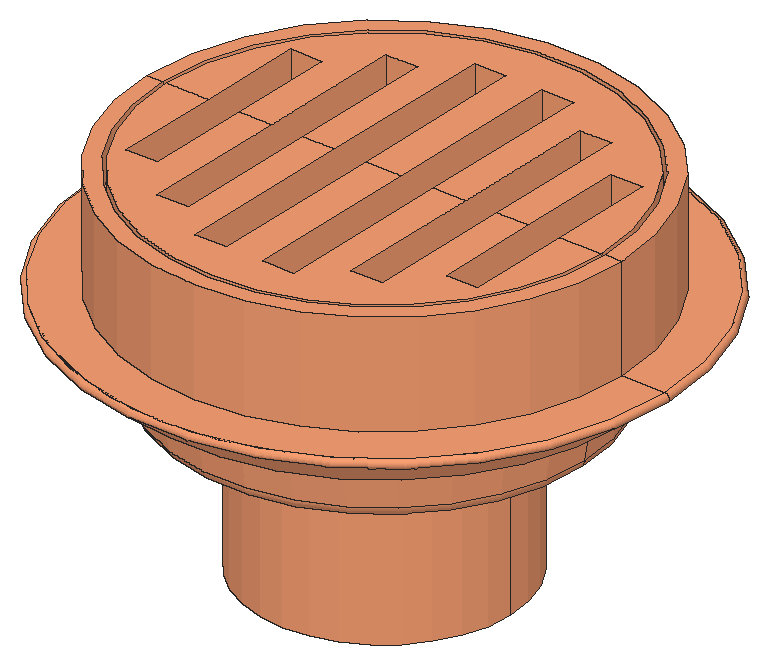
Revit family "Drain_Floor-Jay R.Smith-Round_Type-2109_Series", category Plumbing Fixtures, Revit 2019
Family settings
  Round Connector Dimension = Use Diameter
  Part Type = Normal
  OmniClass Number = 23.70.50.21.24
  OmniClass Title = Waste Water Drains
  Work Plane-Based = Yes
  Always vertical = Yes
  Cut with Voids When Loaded = No
  Shared = No
  Room Calculation Point = No
Parameters (values of type "2109Y04")
  Waste Connection = yes
  Vent Connection = no
  URL = "http://www.jrsmith.com"
  Trap Primer Connection -P050   1/2" (13) & -P075 3/4" (19) = no
  Strainer Height = 1 5/8"  # constant formula
  Strainer Diameter = 7 1/2"  # constant formula
  Side Outlet = no
  Quad Close Trap Seal = no
  Product Page URL = "https://www.jrsmith.com/floor-drain-2108"
  Product Documentation Link = "https://www.jrsmith.com/uploads/fileLibrary/d2109.pdf"
  PB - Polished Bronze Top = no
  Outlet Radius = Outlet Diameter / 2  # 2"
  Outlet Diameter = 4"
  Non-Tilting Grate L/Bucket = no
  NB - Nickel Bronze Top = no
  Model = "2108Y04"
  Manufacturer = "Jay R. Smith"  # constant formula
  Load Rating = "Light Duty having a Safe Live (Static) Load less than 2,000 lbs. (900 kg) per ASME A112.6.3 Floor Drain Standard."  # constant formula
  LXH - Speedi-Set Extra Heavy = no
  L - Speedi-Set Service Weight = no
  Installation Type = "Floor Mounted"  # constant formula
  HW Connection = no
  G - All Galvanized = no
  FBS - Flat Bottom Strainer = no
  Diameter = 9"  # constant formula
  Description = "Small Capacity General Purpose Floor Drain"  # constant formula
  Depth Of Body = 4"  # constant formula
  Default Elevation = 0"
  Connection Description = "4\" No-HUB Outlet Connection"
  CW Connection = no
  Body Material = Cast Iron-Jay R Smith-Duco Coated
  Assembly Code = "D2030300"
Types (9): name | Outlet Radius | Outlet Diameter | Model | Connection Description
  2109C02 | 1" | 2" | "2108C02" | "2\" Caulk Outlet Connection"
  2109C03 | 1 1/2" | 3" | "2108C03" | "3\" Caulk Outlet Connection"
  2109C04 | 2" | 4" | "2108C04" | "4\" Caulk Outlet Connection"
  2109Y02 | 1" | 2" | "2108Y02" | "2\" No-HUB Outlet Connection"
  2109Y03 | 1 1/2" | 3" | "2108Y03" | "3\" No-HUB Outlet Connection"
  2109Y04 | 2" | 4" | "2108Y04" | "4\" No-HUB Outlet Connection"
  2109T02 | 1" | 2" | "2109T02" | "2\" Threaded Outlet Connection"
  2109T03 | 1 1/2" | 3" | "2109T03" | "3\" Threaded Outlet Connection"
  2109T04 | 2" | 4" | "2109T04" | "4\" Threaded Outlet Connection"
Reference planes (in)
  plane 1 "Center (Front/Back)": y = 0
  plane 2: z = 0
  plane 3 "Center (Left/Right)": x = -0.54782
  plane 4: y = 0.8125
  plane 5: y = -0.8125
  plane 6: y = 1.625
  plane 7: y = 0.875
  plane 8: y = 0.125
  plane 9: y = -0.625
  plane 10: y = -1.375
  plane 11: y = -2.125
  plane 12: z = 0
  plane 13: x = -5.04782
  plane 14: x = 3.95218
  plane 15: z = -4
  plane 16: z = 1.625
  plane 17: x = -4.29782
  plane 18: x = 3.20218
  plane 19: x = -4.04782
  plane 20: x = 2.95218
Forms (in)
  Revolve 1, solid, material "Cast Iron-Jay R Smith-Duco Coated" <- "Body Material"
    sketch origin (0, 0, 0) x (1, 0, 0) y (0, 0, 1)
      loop
        line (-0.54782, -4) -> (1.45218, -4) -> (1.45218, -1.82392)
        arc (1.45218, -1.82392) -> (1.52541, -1.64714) -> (1.70218, -1.57392) r 0.25
        line (1.70218, -1.57392) -> (2.42036, -1.57392)
        arc (2.42036, -1.57392) -> (2.55209, -1.52579) -> (2.62176, -1.40408) r 0.20433
        line (2.62176, -1.40408) -> (2.74471, -0.68616) -> (3.20218, -0.68616) -> (3.92625, -0.12045)
        arc (3.92625, -0.12045) -> (3.94847, -0.04543) -> (3.88478, 0) r 0.06737
        line (3.88478, 0) -> (3.20218, 0) -> (3.20218, 1.625) -> (2.95218, 1.625) -> (2.95218, 1.125) -> (2.88968, 1.125) -> (2.88968, 1.625) -> (-0.54782, 1.625) -> (-0.54782, -4)
      axis (-0.54782, 1.625) -> (-0.54782, -4)
    angle from 0 to 360
  Extrusion 2, void
    sketch origin (0.01888, -0.03419, 0) x (1, 0, 0) y (0, 1, 0)
      loop
        line (-3.34928, 1.65751) -> (-3.34928, -1.58913) -> (-2.84928, -1.58913) -> (-2.84928, 1.65751) -> (-3.34928, 1.65751)
      loop
        line (-2.34928, 2.29324) -> (-2.34928, -2.22487) -> (-1.84928, -2.22487) -> (-1.84928, 2.29324) -> (-2.34928, 2.29324)
      loop
        line (-1.34928, 2.79324) -> (-1.34928, -2.72487) -> (-0.84928, -2.72487) -> (-0.84928, 2.79324) -> (-1.34928, 2.79324)
      loop
        line (2.21589, 1.65751) -> (1.71589, 1.65751) -> (1.71589, -1.58913) -> (2.21589, -1.58913) -> (2.21589, 1.65751)
      loop
        line (1.21589, 2.29324) -> (0.71589, 2.29324) -> (0.71589, -2.22487) -> (1.21589, -2.22487) -> (1.21589, 2.29324)
      loop
        line (0.21589, 2.79324) -> (-0.28411, 2.79324) -> (-0.28411, -2.72487) -> (0.21589, -2.72487) -> (0.21589, 2.79324)
    from 0 to 1.625
  Extrusion 3, solid, material "Cast Iron-Jay R Smith-Duco Coated" <- "Body Material"
    sketch origin (0, 0.38173, 0) x (1, 0, 0) y (0, 0, 1)
      loop
        line (-4.29782, -0.68616) -> (-4.29782, -1.15383)
        arc (-4.29782, -1.15383) -> (-4.04782, -1.40383) -> (-3.79782, -1.15383) r 0.25
        line (-3.79782, -1.15383) -> (-3.79782, -0.68616) -> (-4.29782, -0.68616)
    from -0.03285 to 0.79632
Cuts and joins
  Extrusion 2 cuts Revolve 1
Lines and regions (in)
  Masking region 1
    outline origin (0, 0, 0) x (1, 0, 0) y (0, 1, 0)
Dimensions and locks (in)
  equal spacing: plane 4, plane 1 "Center (Front/Back)", plane 5
  "Strainer Height": plane 4 to plane 5
  locked: plane 6 to plane 1 "Center (Front/Back)" at 1.625
  locked: plane 1 "Center (Front/Back)" to plane 7 at 0.875
  locked: plane 1 "Center (Front/Back)" to plane 8 at 0.125
  locked: plane 9 to plane 1 "Center (Front/Back)" at 0.625
  locked: plane 10 to plane 1 "Center (Front/Back)" at 1.375
  locked: plane 11 to plane 1 "Center (Front/Back)" at 2.125
  "Diameter": plane 14 to plane 13
  "Strainer Height": plane 16 to level
  "Depth Of Body": level to plane 15
  "Strainer Diameter": plane 18 to plane 17
  plane 20 to plane 19 = 7"
  locked: Revolve 1 sketch curve to plane 20 at 0.0625
  "Outlet Radius": Revolve 1 sketch curve to plane 3 "Center (Left/Right)"
  aligned and locked: Revolve 1 sketch curve to plane 3 "Center (Left/Right)"
  aligned and locked: Revolve 1 sketch curve to plane 18
  aligned and locked: plane 20 to Revolve 1 sketch curve
  aligned and locked: plane 16 to Revolve 1 sketch curve
  aligned and locked: plane 16 to Extrusion 2
  aligned and locked: Extrusion 2 to level
Automatic sketch dimensions
  Extrusion 2 sketch curve to plane 10 = 0.24832"  (x2)
  plane 19 to Extrusion 2 sketch curve = 0.71741"
  Extrusion 2 sketch curve to Extrusion 2 sketch curve = 1/2"  (x10)
  Extrusion 2 sketch curve to plane 11 = 0.13406"  (x2)
  Extrusion 2 sketch curve to plane 3 "Center (Left/Right)" = 0.28259"
  plane 3 "Center (Left/Right)" to Extrusion 2 sketch curve = 0.28259"
  Extrusion 2 sketch curve to plane 6 = 0.00168"  (x2)
  Extrusion 2 sketch curve to plane 11 = 0.63406"  (x2)
  plane 6 to Extrusion 2 sketch curve = 0.63406"  (x2)
  Extrusion 2 sketch curve to Extrusion 2 sketch curve = 0"
  Extrusion 3 sketch curve to plane 17 = 0"
  Extrusion 3 sketch curve to plane 19 = 0"
  Extrusion 3 sketch curve to level = 1.15383"
  Extrusion 3 sketch curve to Extrusion 3 sketch curve = 0.46767"
  Revolve 1 sketch curve to plane 3 "Center (Left/Right)" = 0"
  plane 18 to Revolve 1 sketch curve = 0"
  Revolve 1 sketch curve to level = 0"
  Revolve 1 sketch curve to plane 15 = 0"  (x2)
  Revolve 1 sketch curve to plane 16 = 0"
  Revolve 1 sketch curve to Revolve 1 sketch curve = 1/4"
  plane 20 to Revolve 1 sketch curve = 0.53182"
  Revolve 1 sketch curve to Revolve 1 sketch curve = 0.2014"
  plane 20 to Revolve 1 sketch curve = 0.20747"
  Revolve 1 sketch curve to plane 14 = 0.06741"
  Revolve 1 sketch curve to plane 14 = 0.02593"
  Revolve 1 sketch curve to level = 1.82392"
  Revolve 1 sketch curve to Revolve 1 sketch curve = 0.16984"
  Revolve 1 sketch curve to level = 0.68616"
  Revolve 1 sketch curve to level = 0.12045"
  Revolve 1 sketch curve to plane 16 = 1/2"
  Revolve 1 sketch curve to Revolve 1 sketch curve = 2 3/4"
Connectors (in)
  piping at (-0.54782, 0, -4), diameter 4, driven by "Outlet Diameter", driven by "Connection Description"
    settings: on cut or joined group of Revolve 1, Extrusion 2, index 1, connector inside diameter 24", connector length 0", flow factor 0, pipe flow 0 GPM, pressure drop 0.00 psi, fitting loss kfactor 0, connector angle 0.00°, fixture units 0, engagement length 0", angle of deflection 0.00°, flow configuration 0, flow direction 2, fitting loss method 0, system type 16, joint type 0, gender type 0, connector reference index -1, connector utility 0, adjustable connector no, is connector primary yes, connector description "4\" No-HUB Outlet Connection"
